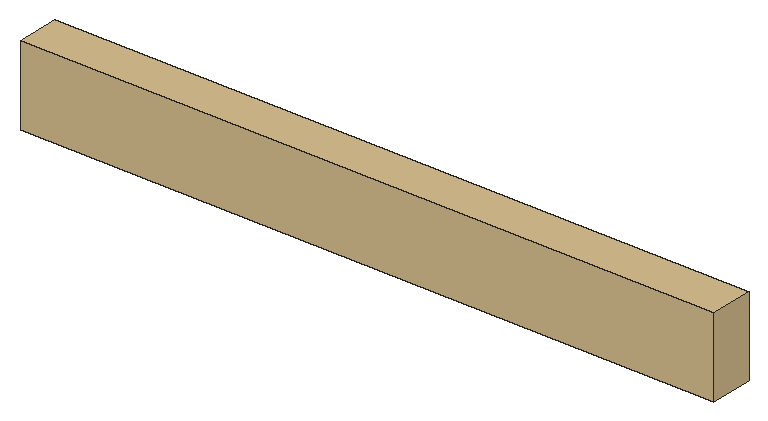
Revit family
Parameters (values of type "76X140")
  Start Extension Calculation [instance] = 3000 mm + Start Extension  # 3000 mm
  Start Extension [instance] = 0 mm
  Length [instance] = 1524 mm
  b = 76 mm
  d = 140 mm
  Keynote = "G20/330"
  End Extension Calculation [instance] = 3000 mm + End Extension  # 3000 mm
  End Extension [instance] = 0 mm
  Beam Material [instance] = Wood - Dimensional Lumber
Types (3, lengths in mm): name | b | d
  (no name) | 76 | 140
  76X140 | 76 | 140
  127X279 | 127 | 279
Reference planes
  plane 1 "Center (Front/Back)": y = 0
  plane 2: z = 0
  plane 3 "Center (Left/Right)": x = 4.61
  plane 4 "Member Left": x = -604.99
  plane 5 "Member Right": x = 614.21
  plane 6: y = 38
  plane 7: y = -38
  plane 8: z = 70
  plane 9: z = -70
  plane 10 "Left": x = -757.39
  plane 11 "Stick Symbol Left": x = -452.59
  plane 12 "Stick Symbol Right": x = 461.81
  plane 13 "Right": x = 766.61
  plane 14: x = -604.99
  plane 15: x = 614.21
  plane 16: x = 2395.01
  plane 17: x = -2385.79
Forms (mm)
  Sweep 1, solid, material "Wood - Dimensional Lumber" <- "Beam Material", detail levels medium+fine
    path origin (0, 0, 0) x (1, 0, 0) y (0, 1, 0)
      loop
        line (614.21, 0) -> (-604.99, 0)
    profile "M_Rectangular Wood Beam-Profile : M_Rectangular Wood Beam-Profile" origin (4.61, 0, 0) x (0, -1, 0) y (0, 0, 1)
      loop
        line (-38, -70) -> (38, -70) -> (38, 70) -> (-38, 70) -> (-38, -70)
Lines and regions (mm)
  symbolic lines, style "Stick Symbols", detail levels coarse
    curve 1: line (4.61, 38, 70) -> (4.61, -38, 70)
    curve 2: line (4.61, -38, -70) -> (4.61, 38, -70)
    curve 3: line (4.61, -38, 70) -> (4.61, -38, -70)
    curve 4: line (4.61, 38, -70) -> (4.61, 38, 70)
Dimensions and locks
  "b": plane 6 to plane 7
  "d": plane 9 to plane 8
  equal spacing: plane 9, plane 2, plane 8
  equal spacing: plane 6, plane 1 "Center (Front/Back)", plane 7
  "Length": plane 10 "Left" to plane 13 "Right"
  locked: plane 4 "Member Left" to plane 16 at 3000
  locked: plane 17 to plane 5 "Member Right" at 3000
  "Start Extension Calculation": plane 14 to plane 16
  "End Extension Calculation": plane 17 to plane 15
  aligned and locked: Sweep 1 sketch curve to plane 1 "Center (Front/Back)"
  aligned and locked: curve 1 to Sweep 1
  aligned and locked: curve 2 to Sweep 1
  aligned and locked: curve 3 to Sweep 1
  aligned and locked: curve 4 to Sweep 1
  aligned and locked: plane 14 to Sweep 1 sketch curve
  aligned and locked: plane 15 to Sweep 1 sketch curve
